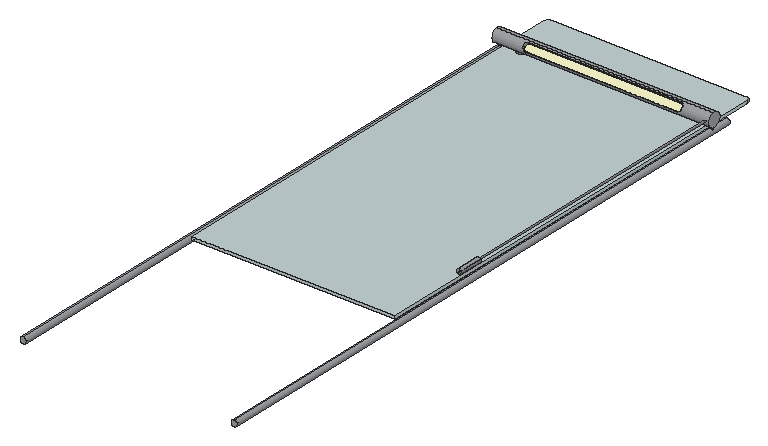
Revit family "Mirror-IlluminatedMirror-40cm-Vitra-EqualSeries-64103+64104+64105", category Furniture Systems, host Face, Revit 2017
Family settings
  Host = Face
  Round Connector Dimension = Use Diameter
  Part Type = Normal
  OmniClass Number = 23.40.00.00
  OmniClass Title = Equipment and Furnishings
  Cut with Voids When Loaded = No
  Shared = Yes
  Room Calculation Point = No
Parameters (values of type "Mirror(IlluminatedFlatMirror)-Vitra-EqualSeries_64103")
  Youtube = "https://www.youtube.com/user/VitrAglobal"
  Width(mm) = 432 mm
  Weight Net (kg) = "1,000"
  Warranty Period (Year) = "2"
  Voltage = "220V"
  Uniformat II Description = "Furnishings"
  Uniformat II Code = "E20"
  Uniclass 2015 Name = "Bathroom cabinets"
  Uniclass 2015 Code = "Pr_40_30_78_03"
  Uniclass 2.0 Description = "Bathroom Cabinets"
  Uniclass 1.4 Description = "Cabinets"
  Uniclass 2.0 Code = "PR-35-75-08"
  Uniclass 1.4 Code = "L72141"
  URL = "https://vitraglobal.com/"
  UNSPSC Description = "Bathroom cabinets"
  UNSPSC Code = "30161801"
  Third Material = Vitra-Light
  Technical description = "https://www.vitra.com.tr/pdf/64103/"
  Tap hole Options (default) = ""
  Specification = ""
  Secondary Material = Vitra-MattGrey
  Region South America = "All"
  Region Oceania = "All"
  Region North America = "All"
  Region Middle East = "All"
  Region Europe = "All"
  Region Asia = "All"
  Region Antarctica = "All"
  Region Africa = "All"
  Product group = "Bathroom Furniture"
  Product family = "Equal"
  Product data url = "https://www.vitraglobal.com/bathroom-furniture/mirrors/free/equal-illuminated-flat-mirror-40-cm-sku-64103"
  Product certification = "https://vitraglobal.com/catalogues/quality-certificates"
  Product SKU = "64103"
  Product Guid = ""
  Primary Material = Vitra-Mirror
  OmniClass Description = "Medicine Cabinets"
  OmniClass Code = "23-25 53 11 13 11"
  Nominal width = "0.000"
  Nominal height = "0.000"
  NBS Referans Description = "Bathroom Cabinets"
  NBS Referans Code = "35-75-08"
  Model = "64103"
  Masterformat 2014 Description = "Storage Cabinets"
  Masterformat 2014 Code = "41 53 13"
  Manufacturer name = "Vitra"
  Manufacturer = "Vitra"
  Lighting Type = "Ambiance Led Lighting"
  Installation instructions = ""
  IFC Classification = "Furnishing Element"
  Help = ""
  Height(mm) = 1383 mm
  Design country = "Turkey"
  Description = "Valarte Illuminated Mirror"
  Depth(mm) = 45 mm
  Default Elevation = 660 mm
  Construction Type = "Wall Mounted"
  Color = ""
  COBIe Type Category = ""
  BIMobject category = "Storage"
  Article No. (default) = "64103"
  Accessories (default) = ""
Types (4, lengths in mm): name | Width(mm) | Technical description | Product data url | Product SKU | Model | Article No. (default)
  (no name) | 432 | "https://www.vitra.com.tr/pdf/64103/" | "https://www.vitraglobal.com/bathroom-furniture/mirrors/free/equal-illuminated-flat-mirror-40-cm-sku-64103" | "64103" | "64103" | "64103"
  Mirror(IlluminatedFlatMirror)-Vitra-EqualSeries_64103 | 432 | "https://www.vitra.com.tr/pdf/64103/" | "https://www.vitraglobal.com/bathroom-furniture/mirrors/free/equal-illuminated-flat-mirror-40-cm-sku-64103" | "64103" | "64103" | "64103"
  Mirror(IlluminatedFlatMirror)-Vitra-EqualSeries_64104 | 632 | "https://www.vitra.com.tr/pdf/64104/" | "https://www.vitraglobal.com/bathroom-furniture/mirrors/free/equal-illuminated-flat-mirror-60-cm-sku-64104" | "64104" | "64104" | "64104"
  Mirror(IlluminatedFlatMirror)-Vitra-EqualSeries_64105 | 832 | "https://www.vitra.com.tr/pdf/64105/" | "https://www.vitraglobal.com/bathroom-furniture/mirrors/free/equal-illuminated-flat-mirror-80-cm-sku-64105" | "64105" | "64105" | "64105"
Reference planes
  plane 1 "Center (Front/Back)": y = 0
  plane 2: z = -0.016
  plane 3 "Center (Left/Right)": x = 2.95
  plane 4: z = 44.984
  plane 5: x = 218.95
  plane 6: x = -213.05
  plane 7: y = 587.514
  plane 8: y = -795.486
  plane 9: x = 227.45
  plane 10: x = -221.55
  plane 11: x = -227.55
  plane 12: x = 233.45
Forms (mm)
  Extrusion 1, solid, material "Vitra-MattGrey" <- "Secondary Material"
    sketch origin (-227.116, 512.514, 7.425) x (0, 0, 1) y (1, 0, 0)
      loop
        circle (0, 5.566) r 6.5
      loop
        circle (0, 454.566) r 6.5
    from 0 to -1308
  Extrusion 2, solid, material "Vitra-Mirror" <- "Primary Material"
    sketch origin (2.95, -356.986, 15.325) x (1, 0, 0) y (0, 1, 0)
      loop
        arc (-206, 944.5) -> (-213.071, 941.571) -> (-216, 934.5) r 10
        line (-216, 934.5) -> (-216, -0.5) -> (216, -0.5) -> (216, 934.5)
        arc (216, 934.5) -> (213.071, 941.571) -> (206, 944.5) r 10
        line (206, 944.5) -> (-206, 944.5)
    from 0 to -5.1
  Extrusion 3, solid, material "Vitra-MattGrey" <- "Secondary Material"
    sketch origin (-227.55, 458.919, 29.575) x (0, 0.995103, 0.098844) y (0, 0.098844, -0.995103)
      loop
        circle (13.662, 0) r 14
    from 0 to -461
  Extrusion 4, solid, material "Vitra-MattGrey" <- "Secondary Material"
    sketch origin (220.483, -193.894, 30.118) x (0.979932, 0, 0.19933) y (-0.19933, 0, 0.979932)
      loop
        circle (4.048, 0) r 5
    from 0 to -50
  Extrusion 5, solid, material "Vitra-MattGrey" <- "Secondary Material"
    sketch origin (220.483, -193.894, 30.118) x (0.979932, 0, 0.19933) y (-0.19933, 0, 0.979932)
      loop
        circle (4.048, 0) r 1.5
    from 0 to -666.408
  Extrusion 6, solid, material "Vitra-MattGrey" <- "Secondary Material"
    sketch origin (2.95, -356.986, 15.325) x (1, 0, 0) y (0, 1, 0)
      loop
        circle (-224.5, 829.5) r 2.5
      loop
        circle (-181.5, 829.5) r 7.5
    from -3.218 to 14.13
  Extrusion 7, solid, material "Vitra-MattGrey" <- "Secondary Material"
    sketch origin (2.95, -356.986, 15.325) x (1, 0, 0) y (0, 1, 0)
      loop
        circle (224.5, 829.5) r 3
    from -6.591 to 14.13
  Extrusion 8, void
    sketch origin (-227.55, 472.554, 30.925) x (0, 0.707107, 0.707107) y (-1, 0, 0)
      loop
        spline (4.157, -71.94) -> (4.073, -70.96) -> (3.855, -70.024) -> (3.492, -69.125) -> (3.007, -68.285) -> (2.414, -67.521) -> (1.724, -66.838) -> (0.954, -66.245) -> (0.112, -65.751) -> (-0.79, -65.366) -> (-1.729, -65.1) -> (-2.684, -64.962) -> (-3.651, -64.95)
        spline (-3.651, -64.95) -> (-4.678, -64.913) -> (-5.665, -64.987) -> (-6.615, -65.166) -> (-7.499, -65.469) -> (-8.3, -65.921) -> (-9.01, -66.498) -> (-9.626, -67.182) -> (-10.143, -67.973) -> (-10.562, -68.874) -> (-10.87, -69.851) -> (-11.049, -70.869) -> (-11.117, -71.94)
        line (-11.117, -71.94) -> (-11.117, -394.96)
        spline (-11.117, -394.96) -> (-11.059, -395.914) -> (-10.92, -396.818) -> (-10.692, -397.676) -> (-10.366, -398.489) -> (-9.964, -399.231) -> (-9.482, -399.899) -> (-8.917, -400.49) -> (-8.269, -400.996) -> (-7.551, -401.406) -> (-6.778, -401.704) -> (-5.959, -401.884) -> (-5.089, -401.95)
        line (-5.089, -401.95) -> (-3.156, -401.95)
        spline (-3.156, -401.95) -> (-2.233, -401.882) -> (-1.335, -401.703) -> (-0.461, -401.411) -> (0.381, -401.006) -> (1.165, -400.508) -> (1.885, -399.921) -> (2.528, -399.248) -> (3.083, -398.492) -> (3.547, -397.66) -> (3.879, -396.794) -> (4.079, -395.897) -> (4.157, -394.96)
        line (4.157, -394.96) -> (4.157, -71.94)
    from 0 to 22.673
  Extrusion 9, solid, material "Vitra-Light" <- "Third Material"
    sketch origin (-227.55, 472.554, 30.925) x (0, 0.707107, 0.707107) y (-1, 0, 0)
      loop
        line (-11.117, -71.94) -> (-11.117, -394.96)
        spline (-11.117, -394.96) -> (-11.059, -395.914) -> (-10.92, -396.818) -> (-10.692, -397.676) -> (-10.366, -398.489) -> (-9.964, -399.231) -> (-9.482, -399.899) -> (-8.917, -400.49) -> (-8.269, -400.996) -> (-7.551, -401.406) -> (-6.778, -401.704) -> (-5.959, -401.884) -> (-5.089, -401.95)
        line (-5.089, -401.95) -> (-3.156, -401.95)
        spline (-3.156, -401.95) -> (-2.233, -401.882) -> (-1.335, -401.703) -> (-0.461, -401.411) -> (0.381, -401.006) -> (1.165, -400.508) -> (1.885, -399.921) -> (2.528, -399.248) -> (3.083, -398.492) -> (3.547, -397.66) -> (3.879, -396.794) -> (4.079, -395.897) -> (4.157, -394.96)
        line (4.157, -394.96) -> (4.157, -71.94)
        spline (4.157, -71.94) -> (4.073, -70.96) -> (3.855, -70.024) -> (3.492, -69.125) -> (3.007, -68.285) -> (2.414, -67.521) -> (1.724, -66.838) -> (0.954, -66.245) -> (0.112, -65.751) -> (-0.79, -65.366) -> (-1.729, -65.1) -> (-2.684, -64.962) -> (-3.651, -64.95)
        spline (-3.651, -64.95) -> (-4.678, -64.913) -> (-5.665, -64.987) -> (-6.615, -65.166) -> (-7.499, -65.469) -> (-8.3, -65.921) -> (-9.01, -66.498) -> (-9.626, -67.182) -> (-10.143, -67.973) -> (-10.562, -68.874) -> (-10.87, -69.851) -> (-11.049, -70.869) -> (-11.117, -71.94)
    from 0 to 8.386
Cuts and joins
  Extrusion 8 cuts Extrusion 3
Dimensions and locks
  "Depth(mm)": plane 4 to host face
  "Width(mm)": plane 6 to plane 5
  "Height(mm)": plane 7 to plane 8
  locked: plane 5 to plane 9 at 8.5
  locked: plane 10 to plane 6 at 8.5
  equal spacing: plane 6, plane 3 "Center (Left/Right)", plane 5
  locked: plane 11 to plane 10 at 6
  locked: plane 9 to plane 12 at 6
  aligned and locked: plane 2 to host face
  aligned and locked: level to host face
  aligned and locked: plane 12 to Extrusion 3
  aligned and locked: plane 11 to Extrusion 3
Automatic sketch dimensions
  host sketch curve to host sketch curve = 2438.4 mm  (x2)
  level to Extrusion 1 sketch curve = 7.425 mm  (x2)
  level to Extrusion 1 sketch curve = 0.925 mm  (x2)
  Extrusion 2 sketch curve to Extrusion 2 sketch curve = 10 mm  (x2)
  level to Extrusion 3 sketch curve = 30.925 mm
  Extrusion 3 sketch curve to Extrusion 3 sketch curve = 14 mm
  level to Extrusion 4 sketch curve = 30.925 mm
  Extrusion 4 sketch curve to Extrusion 4 sketch curve = 5 mm
  level to Extrusion 5 sketch curve = 30.925 mm
  Extrusion 5 sketch curve to Extrusion 5 sketch curve = 1.5 mm
  Extrusion 6 sketch curve to Extrusion 6 sketch curve = 0 mm  (x5)
  Extrusion 2 to Extrusion 6 sketch curve = 8.5 mm
  Extrusion 6 sketch curve to Extrusion 2 = 34.5 mm
  Extrusion 6 sketch curve to Extrusion 2 = 115 mm
  Extrusion 6 sketch curve to Extrusion 6 sketch curve = 2.5 mm
  Extrusion 6 sketch curve to Extrusion 6 sketch curve = 7.5 mm
  Extrusion 7 sketch curve to Extrusion 7 sketch curve = 0 mm  (x2)
  Extrusion 2 to Extrusion 7 sketch curve = 8.5 mm
  Extrusion 7 sketch curve to Extrusion 2 = 115 mm
  Extrusion 7 sketch curve to Extrusion 7 sketch curve = 3 mm
  Extrusion 8 sketch curve to plane 3 "Center (Left/Right)" = 158.56 mm  (x2)
  Extrusion 8 sketch curve to Extrusion 8 sketch curve = 6.029 mm
  Extrusion 8 sketch curve to plane 3 "Center (Left/Right)" = 165.55 mm
  Extrusion 8 sketch curve to Extrusion 8 sketch curve = 7.466 mm
  plane 3 "Center (Left/Right)" to Extrusion 8 sketch curve = 171.45 mm
  Extrusion 8 sketch curve to Extrusion 8 sketch curve = 1.932 mm
  Extrusion 8 sketch curve to Extrusion 8 sketch curve = 7.808 mm
  Extrusion 8 sketch curve to Extrusion 8 sketch curve = 6.99 mm  (x2)
  Extrusion 9 sketch curve to Extrusion 8 = 0 mm  (x3)
  Extrusion 9 sketch curve to Extrusion 8 = 6.029 mm
  Extrusion 9 sketch curve to Extrusion 8 = 7.466 mm
  Extrusion 9 sketch curve to Extrusion 9 sketch curve = 1.932 mm
  Extrusion 9 sketch curve to Extrusion 8 = 6.99 mm  (x2)
  Extrusion 9 sketch curve to Extrusion 9 sketch curve = 323.02 mm
  Extrusion 9 sketch curve to Extrusion 9 sketch curve = 0 mm
  Extrusion 9 sketch curve to Extrusion 9 sketch curve = 6.99 mm
  Extrusion 1 sketch curve to plane 5 = 8.5 mm
  Extrusion 2 sketch curve to plane 5 = 0 mm
  Extrusion 4 sketch curve to Extrusion 4 sketch curve = 0 mm  (x2)
  Extrusion 4 sketch curve to plane 5 = 5.5 mm
  Extrusion 5 sketch curve to Extrusion 5 sketch curve = 0 mm  (x2)
  Extrusion 5 sketch curve to plane 5 = 5.5 mm
  Extrusion 1 sketch curve to Extrusion 1 sketch curve = 0 mm
  plane 6 to Extrusion 1 sketch curve = 8.5 mm
  Extrusion 2 sketch curve to plane 6 = 0 mm
  Extrusion 2 sketch curve to plane 7 = 0 mm
  Extrusion 3 sketch curve to Extrusion 3 sketch curve = 0 mm  (x2)
  Extrusion 3 sketch curve to plane 7 = 115 mm
  plane 1 "Center (Front/Back)" to Extrusion 2 sketch curve = 357.486 mm
Connectors
  electrical at (-178.55, 472.514, 12.107)
    settings: on Extrusion 6, index 1, voltage 220 V, apparent load 0 VA, apparent load phase1 0 VA, apparent load phase2 0 VA, apparent load phase3 0 VA, power factor 1, load classification "Power", number of poles 1, system type 31, power factor state 1, is connector primary yes, connector utility no, sub classification motor no, connector description ""
